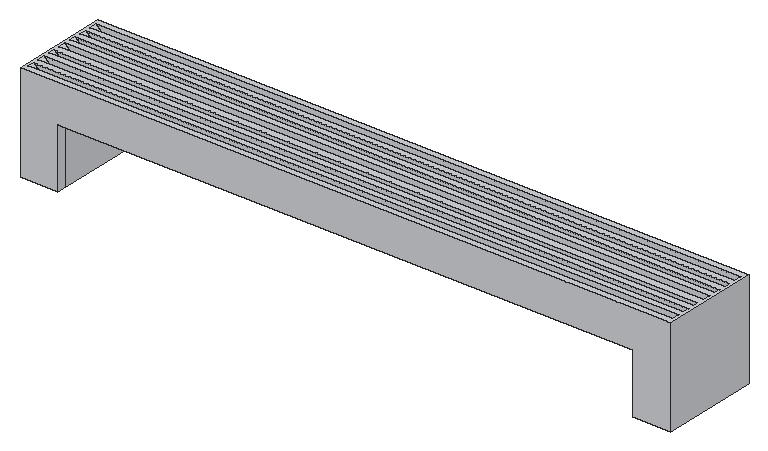
Revit family "SP08", category Mechanical Equipment, Revit 2017
Family settings
  Round Connector Dimension = Use Diameter
  Part Type = Normal
  OmniClass Number = 23.75.00.00
  OmniClass Title = Climate Control (HVAC)
  Work Plane-Based = No
  Always vertical = Yes
  Cut with Voids When Loaded = No
  Shared = No
  Room Calculation Point = No
Parameters
  Width = 179 mm
  Length = 1200 mm
  Leg height = 180 mm
  Height = 180 mm
Reference planes
  plane 1 "Center (Front/Back)": y = 0
  plane 2: z = 0
  plane 3 "Center (Left/Right)": x = 0
  plane 4: x = 0
  plane 5: x = -600
  plane 6: x = 600
  plane 7: x = -595
  plane 8: x = -580
  plane 9: x = 595
  plane 10: x = 580
  plane 11: x = 597
  plane 12: x = -597
  plane 13: z = 180
  plane 14: z = 165
  plane 15: z = 125
  plane 16: z = 110
  plane 17: y = -3
  plane 18: y = -179
  plane 19: y = -176
  plane 20: y = -161
  plane 21: y = -18
  plane 22: x = -530
  plane 23: x = 530
  plane 24: x = -533
  plane 25: x = 533
  plane 26 "Center": y = -89.5
Forms (mm)
  Extrusion 1, solid
    sketch origin (0, 0, 0) x (1, 0, 0) y (0, 0, 1)
      loop
        line (-600, 180) -> (-600, 110) -> (-595, 110) -> (-580, 125) -> (-580, 165) -> (-595, 180) -> (-600, 180)
      loop
        line (600, 180) -> (595, 180) -> (580, 165) -> (580, 125) -> (595, 110) -> (600, 110) -> (600, 180)
    from 0 to 179
  Extrusion 2, solid
    sketch origin (0, 0, 0) x (1, 0, 0) y (0, 1, 0)
      loop
        line (530, -18) -> (533, -18) -> (533, -3) -> (597, -3) -> (597, -176) -> (533, -176) -> (533, -161) -> (530, -161) -> (530, -179) -> (600, -179) -> (600, 0) -> (530, 0) -> (530, -18)
      loop
        line (-530, -18) -> (-530, 0) -> (-600, 0) -> (-600, -179) -> (-530, -179) -> (-530, -161) -> (-533, -161) -> (-533, -176) -> (-597, -176) -> (-597, -3) -> (-533, -3) -> (-533, -18) -> (-530, -18)
    from 0 to 110
  Extrusion 3, solid
    sketch origin (0, 0, 0) x (1, 0, 0) y (0, 1, 0)
      loop
        line (-595, 0) -> (-595, -11) -> (595, -11) -> (595, 0) -> (-595, 0)
    from 110 to 180
  Extrusion 4, solid
    sketch origin (0, -24, 0) x (1, 0, 0) y (0, 1, 0)
      loop
        line (-595, 0) -> (-595, -11) -> (595, -11) -> (595, 0) -> (-595, 0)
    from 110 to 180
  Extrusion 5, solid
    sketch origin (0, -48, 0) x (1, 0, 0) y (0, 1, 0)
      loop
        line (-595, 0) -> (-595, -11) -> (595, -11) -> (595, 0) -> (-595, 0)
    from 110 to 180
  Extrusion 6, solid
    sketch origin (0, -72, 0) x (1, 0, 0) y (0, 1, 0)
      loop
        line (-595, 0) -> (-595, -11) -> (595, -11) -> (595, 0) -> (-595, 0)
    from 110 to 180
  Extrusion 7, solid
    sketch origin (0, -96, 0) x (1, 0, 0) y (0, 1, 0)
      loop
        line (-595, 0) -> (-595, -11) -> (595, -11) -> (595, 0) -> (-595, 0)
    from 110 to 180
  Extrusion 8, solid
    sketch origin (0, -120, 0) x (1, 0, 0) y (0, 1, 0)
      loop
        line (-595, 0) -> (-595, -11) -> (595, -11) -> (595, 0) -> (-595, 0)
    from 110 to 180
  Extrusion 9, solid
    sketch origin (0, -144, 0) x (1, 0, 0) y (0, 1, 0)
      loop
        line (-595, 0) -> (-595, -11) -> (595, -11) -> (595, 0) -> (-595, 0)
    from 110 to 180
  Extrusion 10, solid
    sketch origin (0, -168, 0) x (1, 0, 0) y (0, 1, 0)
      loop
        line (-595, 0) -> (-595, -11) -> (595, -11) -> (595, 0) -> (-595, 0)
    from 110 to 180
  Extrusion 11, solid
    sketch origin (0, 0, 0) x (1, 0, 0) y (0, 1, 0)
      loop
        circle (-553, -53.5) r 10.5
      loop
        circle (-553, -125.5) r 10.5
      loop
        circle (553, -53.5) r 10.5
      loop
        circle (553, -125.5) r 10.5
    from 95 to 110
  Extrusion 12, solid
    sketch origin (0, 0, 0) x (1, 0, 0) y (0, 1, 0)
      loop
        line (-533, -18) -> (-533, -161) -> (-530, -161) -> (-530, -18) -> (-533, -18)
      loop
        line (533, -18) -> (530, -18) -> (530, -161) -> (533, -161) -> (533, -18)
    from 0 to 110
Cuts and joins
  joined: Extrusion 1, Extrusion 2, Extrusion 3, Extrusion 4, Extrusion 5, Extrusion 6, Extrusion 7, Extrusion 8, Extrusion 9, Extrusion 10
Dimensions and locks
  equal spacing: plane 5, plane 4, plane 6
  "Length": plane 5 to plane 6
  locked: plane 7 to plane 8 at 15
  locked: plane 5 to plane 7 at 5
  locked: plane 9 to plane 10 at 15
  locked: plane 6 to plane 9 at 5
  locked: plane 11 to plane 6 at 3
  locked: plane 5 to plane 12 at 3
  "Height": plane 13 to level
  locked: plane 13 to plane 14 at 15
  locked: plane 13 to plane 16 at 70
  locked: plane 15 to plane 16 at 15
  "Width": plane 18 to plane 1 "Center (Front/Back)"
  locked: plane 23 to plane 6 at 70
  locked: plane 17 to plane 1 "Center (Front/Back)" at 3
  locked: plane 19 to plane 18 at 3
  locked: plane 21 to plane 1 "Center (Front/Back)" at 18
  locked: plane 20 to plane 18 at 18
  locked: plane 24 to plane 22 at 3
  locked: plane 23 to plane 25 at 3
  Extrusion 3 sketch curve to Extrusion 3 sketch curve = 11 mm
  Extrusion 4 sketch curve to Extrusion 4 sketch curve = 11 mm
  Extrusion 5 sketch curve to Extrusion 5 sketch curve = 11 mm
  Extrusion 6 sketch curve to Extrusion 6 sketch curve = 11 mm
  Extrusion 7 sketch curve to Extrusion 7 sketch curve = 11 mm
  Extrusion 8 sketch curve to Extrusion 8 sketch curve = 11 mm
  Extrusion 9 sketch curve to Extrusion 9 sketch curve = 11 mm
  Extrusion 10 sketch curve to Extrusion 10 sketch curve = 11 mm
  locked: plane 5 to plane 22 at 70
  equal spacing: plane 18, plane 26 "Center", plane 1 "Center (Front/Back)"
  Extrusion 11 sketch curve to plane 1 "Center (Front/Back)" = 53.5 mm
  Extrusion 11 sketch curve to plane 18 = 53.5 mm
  locked: plane 5 to Extrusion 11 sketch curve at 47  (x2)
  locked: Extrusion 11 sketch curve to plane 1 "Center (Front/Back)" at 53.5
  locked: Extrusion 11 sketch curve to plane 18 at 53.5
  locked: Extrusion 11 sketch curve to plane 6 at 47  (x2)
  locked: plane 16 to Extrusion 11 at 15
  locked: Extrusion 3 to Extrusion 3 at 11
  locked: Extrusion 4 to Extrusion 3 at 13
  plane 21 to Extrusion 4 to Extrusion 4 = 6 mm locked, 11 mm locked
  locked: Extrusion 5 to Extrusion 4 at 13
  locked: Extrusion 5 to Extrusion 5 at 11
  locked: Extrusion 6 to Extrusion 5 at 13
  locked: Extrusion 6 to Extrusion 6 at 11
  locked: Extrusion 7 to Extrusion 6 at 13
  locked: Extrusion 7 to Extrusion 7 at 11
  locked: Extrusion 8 to Extrusion 7 at 13
  locked: Extrusion 8 to Extrusion 8 at 11
  locked: Extrusion 9 to Extrusion 8 at 13
  locked: Extrusion 9 to Extrusion 9 at 11
  locked: Extrusion 10 to Extrusion 9 at 13
  locked: Extrusion 10 to Extrusion 10 at 11
  aligned and locked: level to plane 2
  aligned and locked: plane 5 to Extrusion 1 sketch curve
  aligned and locked: Extrusion 1 sketch curve to plane 8
  aligned and locked: plane 16 to Extrusion 1 sketch curve
  aligned and locked: Extrusion 1 sketch curve to plane 13
  aligned and locked: Extrusion 1 sketch curve to plane 6
  aligned and locked: plane 13 to Extrusion 1 sketch curve
  aligned and locked: plane 10 to Extrusion 1 sketch curve
  aligned and locked: Extrusion 1 sketch curve to plane 16
  aligned and locked: plane 17 to Extrusion 2 sketch curve
  aligned and locked: Extrusion 2 sketch curve to plane 25  (x2)
  aligned and locked: plane 21 to Extrusion 2 sketch curve
  aligned and locked: plane 23 to Extrusion 2 sketch curve  (x2)
  aligned and locked: plane 1 "Center (Front/Back)" to Extrusion 2 sketch curve
  aligned and locked: plane 11 to Extrusion 2 sketch curve
  aligned and locked: plane 6 to Extrusion 2 sketch curve
  aligned and locked: Extrusion 2 sketch curve to plane 19
  aligned and locked: Extrusion 2 sketch curve to plane 20
  aligned and locked: plane 18 to Extrusion 2 sketch curve
  aligned and locked: plane 22 to Extrusion 2 sketch curve  (x2)
  aligned and locked: Extrusion 2 sketch curve to plane 24  (x2)
  aligned and locked: Extrusion 2 sketch curve to plane 21
  aligned and locked: Extrusion 2 sketch curve to plane 1 "Center (Front/Back)"
  aligned and locked: Extrusion 2 sketch curve to plane 17
  aligned and locked: plane 20 to Extrusion 2 sketch curve
  aligned and locked: Extrusion 2 sketch curve to plane 18
  aligned and locked: plane 19 to Extrusion 2 sketch curve
  aligned and locked: Extrusion 2 sketch curve to plane 12
  aligned and locked: Extrusion 2 sketch curve to plane 5
  aligned and locked: plane 16 to Extrusion 2
  aligned and locked: plane 13 to Extrusion 3
  aligned and locked: Extrusion 3 to plane 16
  aligned and locked: Extrusion 10 to plane 9
  aligned and locked: Extrusion 9 to plane 9
  aligned and locked: Extrusion 8 to plane 9
  aligned and locked: Extrusion 7 to plane 9
  aligned and locked: Extrusion 6 to plane 9
  aligned and locked: Extrusion 5 to plane 9
  aligned and locked: Extrusion 4 to plane 9
  aligned and locked: Extrusion 3 to plane 9
  aligned and locked: plane 16 to Extrusion 11
  aligned and locked: plane 13 to Extrusion 10
  aligned and locked: plane 13 to Extrusion 9
  aligned and locked: plane 13 to Extrusion 8
  aligned and locked: plane 13 to Extrusion 7
  aligned and locked: plane 13 to Extrusion 6
  aligned and locked: plane 13 to Extrusion 5
  aligned and locked: plane 13 to Extrusion 4
  aligned and locked: Extrusion 10 to plane 16
  aligned and locked: Extrusion 9 to plane 16
  aligned and locked: Extrusion 8 to plane 16
  aligned and locked: Extrusion 7 to plane 16
  aligned and locked: Extrusion 6 to plane 16
  aligned and locked: Extrusion 5 to plane 16
  aligned and locked: Extrusion 4 to plane 16
  aligned and locked: Extrusion 1 to plane 18
  aligned and locked: Extrusion 12 sketch curve to plane 21
  aligned and locked: plane 24 to Extrusion 12 sketch curve
  aligned and locked: Extrusion 12 sketch curve to plane 22
  aligned and locked: plane 20 to Extrusion 12 sketch curve
  aligned and locked: plane 21 to Extrusion 12 sketch curve
  aligned and locked: Extrusion 2 to Extrusion 12 sketch curve
  aligned and locked: plane 25 to Extrusion 12 sketch curve
  aligned and locked: Extrusion 12 sketch curve to plane 20
  aligned and locked: plane 16 to Extrusion 12
Automatic sketch dimensions
  Extrusion 1 sketch curve to plane 7 = 0 mm  (x2)
  plane 9 to Extrusion 1 sketch curve = 0 mm  (x2)
  Extrusion 1 sketch curve to plane 15 = 0 mm  (x2)
  Extrusion 1 sketch curve to plane 14 = 0 mm  (x2)
  Extrusion 3 sketch curve to Extrusion 3 sketch curve = 1190 mm
  Extrusion 4 sketch curve to Extrusion 4 sketch curve = 1190 mm
  Extrusion 5 sketch curve to Extrusion 5 sketch curve = 1190 mm
  Extrusion 6 sketch curve to Extrusion 6 sketch curve = 1190 mm
  Extrusion 7 sketch curve to Extrusion 7 sketch curve = 1190 mm
  Extrusion 8 sketch curve to Extrusion 8 sketch curve = 1190 mm
  Extrusion 9 sketch curve to Extrusion 9 sketch curve = 1190 mm
  Extrusion 10 sketch curve to Extrusion 10 sketch curve = 1190 mm
  plane 1 "Center (Front/Back)" to Extrusion 3 sketch curve = 0 mm
  Extrusion 3 sketch curve to plane 7 = 0 mm
  Extrusion 4 sketch curve to plane 7 = 0 mm
  Extrusion 4 sketch curve to plane 21 = 17 mm
  Extrusion 5 sketch curve to plane 7 = 0 mm
  Extrusion 5 sketch curve to plane 21 = 41 mm
  Extrusion 6 sketch curve to plane 7 = 0 mm
  Extrusion 6 sketch curve to plane 21 = 65 mm
  Extrusion 7 sketch curve to plane 7 = 0 mm
  Extrusion 7 sketch curve to plane 21 = 89 mm
  Extrusion 8 sketch curve to plane 7 = 0 mm
  Extrusion 8 sketch curve to plane 21 = 113 mm
  Extrusion 9 sketch curve to plane 7 = 0 mm
  Extrusion 9 sketch curve to plane 21 = 137 mm
  Extrusion 10 sketch curve to plane 7 = 0 mm
  Extrusion 10 sketch curve to plane 20 = 18 mm
  radius of Extrusion 11 sketch curve = 10.5 mm  (x4)
